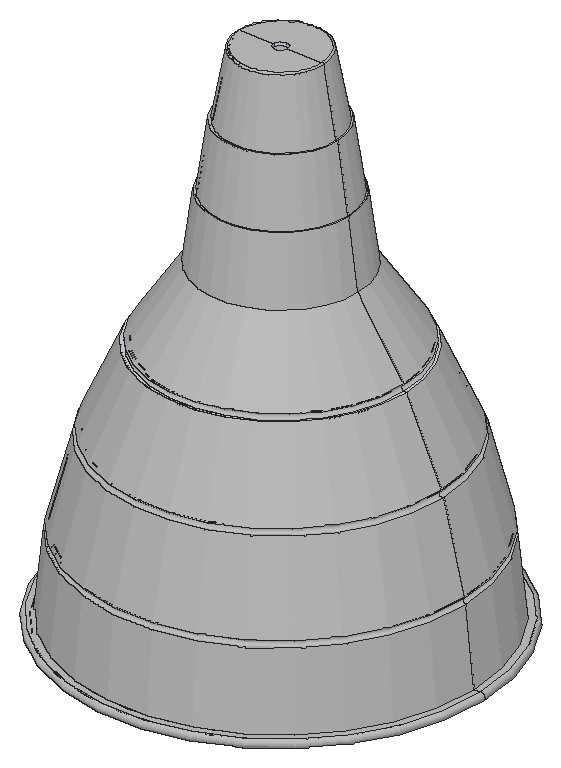
Revit family "CO15 SHADE", category Lighting Fixtures, Revit 2024
Family settings
  Round Connector Dimension = Use Diameter
  Part Type = Normal
  OmniClass Number = 23.80.70.00
  OmniClass Title = Lighting
  Work Plane-Based = No
  Always vertical = Yes
  Cut with Voids When Loaded = No
  Light Source = Yes
  Maintain Annotation Orientation = No
  Shared = No
  Room Calculation Point = No
Parameters
  Wattage = 12.1178 W
  built-in parameter 1150110 = 1 (stored number, unit not read)
  built-in parameter 1114217 = 1 (stored number, unit not read)
  built-in parameter 1150109 = 1 (stored number, unit not read)
  built-in parameter 1150134 = (empty or 0)
  built-in parameter 1150113 = 1 (stored number, unit not read)
  Lumens = 1800 lm
  built-in parameter 1150115 = 1 (stored number, unit not read)
  built-in parameter 1150105 = 572.96 (stored number, unit not read)
  Light Source Symbol Size = 2' - 0"
  built-in parameter 1150137 = (empty or 0)
  built-in parameter 1150139 = (empty or 0)
  built-in parameter 1150112 = 1 (stored number, unit not read)
  built-in parameter 1150114 = 1 (stored number, unit not read)
  built-in parameter 1150132 = 2
  built-in parameter 1150102 = (empty or 0)
  built-in parameter 1150138 = (empty or 0)
  built-in parameter 1150107 = 3000 (stored number, unit not read)
  built-in parameter 1150106 = 5.7296 (stored number, unit not read)
  built-in parameter 1150104 = 13.8 (stored number, unit not read)
  Dimming Lamp Color Temperature Shift = (empty or 0)
  Default Elevation = 0' - 0"
  Color Filter = 16777215
  built-in parameter 1114218 = 1 (stored number, unit not read)
  built-in parameter 1150133 = 10 (stored number, unit not read)
Reference planes (in)
  plane 1 "Light Source Axis (F/B)": y = 0
  plane 2: z = 0
  plane 3 "Light Source Axis (L/R)": x = 0
  plane 4 "Light Source Elevation": z = 84
Forms (in)
  Revolve 1, solid
    sketch origin (0, 0, 0) x (1, 0, 0) y (0, 0, 1)
      loop
        line (-0.25, 103) -> (-1.52732, 103)
        arc (-1.52732, 103) -> (-1.56695, 102.9857) -> (-1.58831, 102.94938) r 0.06205
        line (-1.58831, 102.94938) -> (-2.02513, 100.62024) -> (-2.09771, 100.62024) -> (-2.46057, 98.28385) -> (-2.51907, 98.28385) -> (-2.85123, 95.9011)
        arc (-2.85123, 95.9011) -> (-3.738, 94.69234) -> (-4.52655, 93.41732) r 18.97139
        arc (-4.52655, 93.41732) -> (-4.42675, 93.31753) -> (-4.52655, 93.21773) r 0.0998
        line (-4.52655, 93.21773) -> (-4.63777, 93.21773)
        arc (-4.63777, 93.21773) -> (-5.33228, 91.84215) -> (-5.9163, 90.41614) r 19.55022
        arc (-5.9163, 90.41614) -> (-5.82662, 90.26676) -> (-5.99071, 90.20818) r 0.11263
        arc (-5.99071, 90.20818) -> (-6.44896, 88.71954) -> (-6.7881, 87.19934) r 19.69147
        arc (-6.7881, 87.19934) -> (-6.69098, 87.07722) -> (-6.82404, 86.99572) r 0.10416
        arc (-6.82404, 86.99572) -> (-7.00739, 85.64375) -> (-7.0967, 84.28232) r 19.69377
        line (-7.0967, 84.28232) -> (-7.35884, 84.28232)
        arc (-7.35884, 84.28232) -> (-7.44019, 84.02579) -> (-7.22588, 84.18857) r 0.14116
        line (-7.22588, 84.18857) -> (-7.00559, 84.18857)
        arc (-7.00559, 84.18857) -> (-6.92235, 85.55062) -> (-6.74454, 86.90358) r 19.60002
        arc (-6.74454, 86.90358) -> (-6.59866, 87.06093) -> (-6.68186, 87.2587) r 0.19791
        arc (-6.68186, 87.2587) -> (-6.3591, 88.69263) -> (-5.92978, 90.09835) r 19.59772
        arc (-5.92978, 90.09835) -> (-5.73836, 90.23516) -> (-5.7995, 90.46237) r 0.20638
        arc (-5.7995, 90.46237) -> (-5.23943, 91.81979) -> (-4.57858, 93.1311) r 19.45647
        arc (-4.57858, 93.1311) -> (-4.35767, 93.22298) -> (-4.39482, 93.45933) r 0.19355
        arc (-4.39482, 93.45933) -> (-3.62468, 94.69249) -> (-2.76192, 95.86273) r 18.87764
        line (-2.76192, 95.86273) -> (-2.43748, 98.1901) -> (-2.38026, 98.1901) -> (-2.0174, 100.52649) -> (-1.94733, 100.52649) -> (-1.50102, 102.90625) -> (-0.25, 102.90625) -> (-0.25, 103)
      axis (0, 103) -> (0, 84.18857)
    angle from 0 to 360
Dimensions and locks (in)
  aligned and locked: plane 3 "Light Source Axis (L/R)" to imposter light
  aligned and locked: plane 1 "Light Source Axis (F/B)" to imposter light
  aligned and locked: plane 4 "Light Source Elevation" to imposter light
  aligned and locked: level to plane 2
